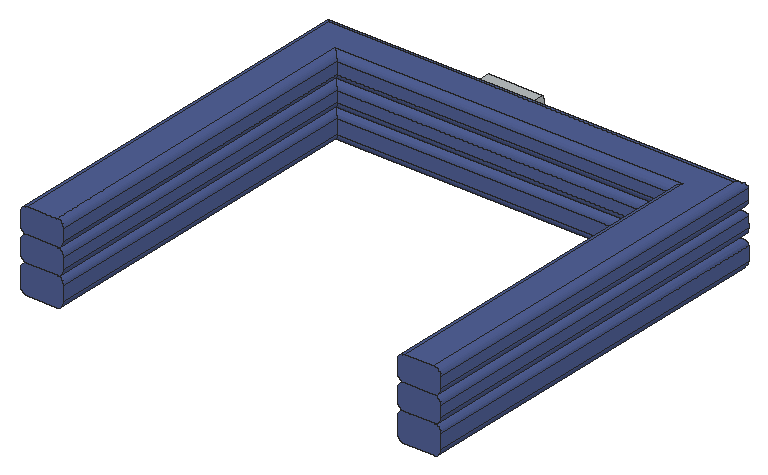
Revit family "DockEquipment_DockSeal_SuperSeal_F", category Generic Models, Revit 2011
Parameters
  offset [instance] = 0' - 10 3/4"
  Warranty Duration (Years) = 0
  Unit Width [instance] = Clear Width + (Bumper Width * 2)  # 9' - 4"
  Unit Height [instance] = Clear Height + Bumper Width  # 8' - 8"
  Unit Depth = if(Bags = 1, Depth1, if(Bags = 2, Depth1 + Depth2, Depth1 + Depth2 + Depth3))  # 1' - 10"
  URL = "http://www.supersealmfg.com/"
  Specification = ""
  SpecWizard = ""
  Send Message = "http://www.arcat.com/users.pl?action=UserEmail&company=Super-Seal%20Mfg.%20Ltd&coid=44693&rep=119&fax=905-850-4440 &mf="
  Sales Information = "http://www.supersealmfg.com/ContactUs.htm"
  Revision = "R1_07-2011"
  Product Properties = ""
  Product Data = "http://arcat.com/arcatcos/cos44/arc44693.html?isac=1&r=1"
  Hood Material = Metal - Steel - Super Seal - Galvanized
  High Header [instance] = no
  Depth3 = 0' - 7"  # constant formula
  Depth2 = if(Bags = 2, 0' 9", 0' 7")  # 0' - 7"
  Depth1 = if(Bags = 1, 1' 2", if(Bags = 2, 0' 9", 0' 8"))  # 0' - 8"
  Bumper Width = 0' - 8"
  Model = "As Specified"
  Material = Plastic - Vinyl - Super Seal - Blue
  Manufacturer Website = "http://www.supersealmfg.com/"
  Manufacturer Phone - Toll Free = "800-337-3239 "
  Manufacturer Phone = "800-337-3239 "
  Manufacturer Fax = "905-850-4440 "
  Manufacturer Address = "670 Rowntree Dairy Rd. Woodbridge , ON, Canada L4L-5T8"
  Manufacturer = "Super-Seal Mfg. Ltd"
  Maintenance Schedule (Months) = 0
  Keynote = ""
  Installation-Fabrication = ""
  Installation Phase = ""
  Green Building-LEED = ""
  Expected Lifespan (Years) = 0
  Drawn By = "Sumex Design, Inc. / Robert S. Weygant, CSI, CDT, SCIP"
  Description = "Super Seal"
  Default Elevation = 4' - 0"
  Copyright = "©Arcat Inc."
  Construction Details = "http://arcat.com/details/supersea/supersea.html?coid=44693"
  Clear Width [instance] = 8' - 0"
  Clear Height [instance] = 8' - 0"
  Bags = 3
  Assembly Code = ""
  3rd Bumper = Bags > 2  # yes
  2nd Bumper = Bags > 1  # yes
Reference planes (in)
  plane 1 "Center (Front/Back)": y = 0
  plane 2 "Bottom": z = 0
  plane 3 "Center (Left/Right)": x = 0
  plane 4 "Front": y = -52
  plane 5 "Left": x = -56
  plane 6 "Right": x = 56
  plane 7 "Top": z = 22
  plane 8: x = -48
  plane 9: x = 48
  plane 10: y = 44
  plane 11: z = 24
  plane 12: y = 52
  plane 13: z = 8
  plane 14: z = 15
  plane 15: z = 22
  plane 16: y = 64
  plane 17: y = 72
  plane 18: x = -26
  plane 19: x = -11
Forms (in)
  Sweep 1, solid, material "Plastic - Vinyl - Super Seal - Blue" <- "Material"
    path origin (0, 0, 0) x (1, 0, 0) y (0, 1, 0)
      loop
        line (-48, -52) -> (-48, 44) -> (48, 44) -> (48, -52)
    profile origin (-48, -4, 0) x (-1, 0, 0) y (0, 0, 1)
      loop
        arc (-2, 2) -> (-1.41421, 0.58579) -> (0, 0) r 2
        line (0, 0) -> (8, 0)
        arc (8, 0) -> (9.41421, 0.58579) -> (10, 2) r 2
        line (10, 2) -> (10, 6)
        arc (10, 6) -> (9.41421, 7.41421) -> (8, 8) r 2
        line (8, 8) -> (0, 8)
        arc (0, 8) -> (-1.41421, 7.41421) -> (-2, 6) r 2
        line (-2, 6) -> (-2, 2)
  Sweep 2, solid, material "Plastic - Vinyl - Super Seal - Blue" <- "Material", visible <- "2nd Bumper"
    path origin (0, 0, 0) x (1, 0, 0) y (0, 1, 0)
      loop
        line (-48, -52) -> (-48, 44) -> (48, 44) -> (48, -52)
    profile origin (-48, -4, 0) x (-1, 0, 0) y (0, 0, 1)
      loop
        arc (-2, 10) -> (-1.41421, 8.58579) -> (0, 8) r 2
        line (0, 8) -> (8, 8)
        arc (8, 8) -> (9.41421, 8.58579) -> (10, 10) r 2
        line (10, 10) -> (10, 13)
        arc (10, 13) -> (9.41421, 14.41421) -> (8, 15) r 2
        line (8, 15) -> (0, 15)
        arc (0, 15) -> (-1.41421, 14.41421) -> (-2, 13) r 2
        line (-2, 13) -> (-2, 10)
  Sweep 3, solid, material "Plastic - Vinyl - Super Seal - Blue" <- "Material", visible <- "3rd Bumper"
    path origin (0, 0, 0) x (1, 0, 0) y (0, 1, 0)
      loop
        line (-48, -52) -> (-48, 44) -> (48, 44) -> (48, -52)
    profile origin (-48, -4, 0) x (-1, 0, 0) y (0, 0, 1)
      loop
        arc (-2, 17) -> (-1.41421, 15.58579) -> (0, 15) r 2
        line (0, 15) -> (8, 15)
        arc (8, 15) -> (9.41421, 15.58579) -> (10, 17) r 2
        line (10, 17) -> (10, 20)
        arc (10, 20) -> (9.41421, 21.41421) -> (8, 22) r 2
        line (8, 22) -> (0, 22)
        arc (0, 22) -> (-1.41421, 21.41421) -> (-2, 20) r 2
        line (-2, 20) -> (-2, 17)
  Blend 4, solid, material "Metal - Steel - Super Seal - Galvanized" <- "Hood Material"
    base sketch origin (0, 0, 0) x (1, 0, 0) y (0, 1, 0)
      loop
        line (-26, 72) -> (-26, 64) -> (-11, 64) -> (-11, 72) -> (-26, 72)
    top sketch origin (0, 0, 0) x (1, 0, 0) y (0, 1, 0)
      loop
        line (-26, 64) -> (-11, 64) -> (-11, 69.43177) -> (-26, 69.43177) -> (-26, 64)
    from 0 to 12
  Sweep 5, solid, material "Metal - Steel - Super Seal - Galvanized" <- "Hood Material"
    path origin (0, 0, 0) x (1, 0, 0) y (0, 1, 0)
      loop
        line (-18.5, 64) -> (-18.5, 47.25)
    profile origin (-18.5, 55.625, 0) x (1, 0, 0) y (0, 0, 1)
      loop
        circle (0, 5) r 3
  Sweep 6, solid, material "Plastic - Vinyl - Super Seal - Blue" <- "Material", visible <- "High Header"
    path origin (0, 0, 0) x (1, 0, 0) y (0, 1, 0)
      loop
        line (-46, 44) -> (46, 44)
    profile origin (0, 44, 0) x (0, 1, 0) y (0, 0, 1)
      loop
        arc (-23, 17) -> (-22.41421, 15.58579) -> (-21, 15) r 2
        line (-21, 15) -> (-4, 15)
        arc (-4, 15) -> (-2.58579, 15.58579) -> (-2, 17) r 2
        line (-2, 17) -> (-2, 20)
        arc (-2, 20) -> (-2.58579, 21.41421) -> (-4, 22) r 2
        line (-4, 22) -> (-21, 22)
        arc (-21, 22) -> (-22.41421, 21.41421) -> (-23, 20) r 2
        line (-23, 20) -> (-23, 17)
Cuts and joins
  joined: Blend 4, Sweep 5
Dimensions and locks (in)
  equal spacing: plane 5 "Left", plane 3 "Center (Left/Right)", plane 6 "Right"
  "Unit Width": plane 5 "Left" to plane 6 "Right"
  equal spacing: plane 12, plane 1 "Center (Front/Back)", plane 4 "Front"
  "Unit Depth": plane 7 "Top" to level
  equal spacing: plane 8, plane 3 "Center (Left/Right)", plane 9
  "Clear Width": plane 8 to plane 9
  "Clear Height": plane 10 to plane 4 "Front"
  "Unit Height": plane 12 to plane 4 "Front"
  "Depth1": plane 13 to level
  "Depth2": plane 14 to plane 13
  "Depth3": plane 15 to plane 14
  plane 17 to plane 16 to plane 12 = 0' - 8" locked, 1' - 0" locked
  plane 5 "Left" to plane 18 to plane 19 = 2' - 6" locked, 1' - 3" locked
  locked: plane 7 "Top" to Sweep 6 sketch curve at 7
  locked: Sweep 3 sketch curve to plane 8 at 2
  locked: plane 5 "Left" to Sweep 3 sketch curve at 2
  locked: Sweep 2 sketch curve to plane 8 at 2
  locked: plane 5 "Left" to Sweep 2 sketch curve at 2
  locked: plane 5 "Left" to Sweep 1 sketch curve at 2
  locked: Sweep 1 sketch curve to profile plane at 2
  aligned and locked: plane 14 to Sweep 2 sketch curve
  aligned and locked: Sweep 2 sketch curve to plane 13
  aligned and locked: plane 15 to Sweep 3 sketch curve
  aligned and locked: Sweep 3 sketch curve to plane 14
  aligned and locked: plane 13 to Sweep 1 sketch curve
  aligned and locked: plane 7 "Top" to Sweep 6 sketch curve
Automatic sketch dimensions
  Sweep 1 sketch curve to plane 8 = 0' - 0"
  Sweep 1 sketch curve to plane 9 = 0' - 0"
  Sweep 1 sketch curve to plane 4 "Front" = 0' - 0"  (x2)
  Sweep 1 sketch curve to plane 10 = 0' - 0"
  Sweep 1 sketch curve to level = 0' - 0"
  Sweep 1 sketch curve to profile plane = 0' - 0"  (x2)
  Sweep 1 sketch curve to Sweep 1 sketch curve = 0' - 0"
  Sweep 1 sketch curve to Sweep 1 sketch curve = 0' - 2"
  Sweep 2 sketch curve to plane 8 = 0' - 0"
  Sweep 2 sketch curve to plane 9 = 0' - 0"
  Sweep 2 sketch curve to plane 4 "Front" = 0' - 0"  (x2)
  Sweep 2 sketch curve to plane 10 = 0' - 0"
  Sweep 2 sketch curve to profile plane = 0' - 0"  (x2)
  Sweep 2 sketch curve to Sweep 2 sketch curve = 0' - 0"
  Sweep 2 sketch curve to Sweep 2 sketch curve = 0' - 2"
  Sweep 3 sketch curve to plane 8 = 0' - 0"
  Sweep 3 sketch curve to plane 9 = 0' - 0"
  Sweep 3 sketch curve to plane 4 "Front" = 0' - 0"  (x2)
  Sweep 3 sketch curve to plane 10 = 0' - 0"
  Sweep 3 sketch curve to profile plane = 0' - 0"  (x2)
  Sweep 3 sketch curve to Sweep 3 sketch curve = 0' - 0"
  Sweep 3 sketch curve to Sweep 3 sketch curve = 0' - 2"
  Blend 4 sketch curve to plane 16 = 0' - 0"  (x2)
  Blend 4 sketch curve to plane 18 = 0' - 0"  (x2)
  Blend 4 sketch curve to plane 19 = 0' - 0"  (x2)
  Blend 4 sketch curve to plane 17 = 0' - 0"
  Blend 4 sketch curve to plane 17 = 0' - 2.56823"
  level to Sweep 5 sketch curve = 0' - 5"
  Sweep 5 sketch curve to profile plane = 0' - 0"
  Sweep 5 sketch curve to plane 16 = 0' - 0"
  Sweep 5 sketch curve to plane 18 = 0' - 7 1/2"
  Sweep 5 sketch curve to plane 12 = 0' - 4 3/4"
  Sweep 6 sketch curve to plane 10 = 0' - 0"
  profile plane to Sweep 6 sketch curve = 1' - 9"  (x2)
  Sweep 6 sketch curve to Sweep 6 sketch curve = 1' - 5"
  Sweep 6 sketch curve to Sweep 6 sketch curve = 0' - 0"
  Sweep 6 sketch curve to Sweep 6 sketch curve = 0' - 2"
  Sweep 6 sketch curve to Sweep 6 sketch curve = 0' - 3"
  plane 8 to Sweep 6 sketch curve = 0' - 2"
  Sweep 6 sketch curve to plane 9 = 0' - 2"
  radius of Sweep 5 sketch curve = 0' - 3"
